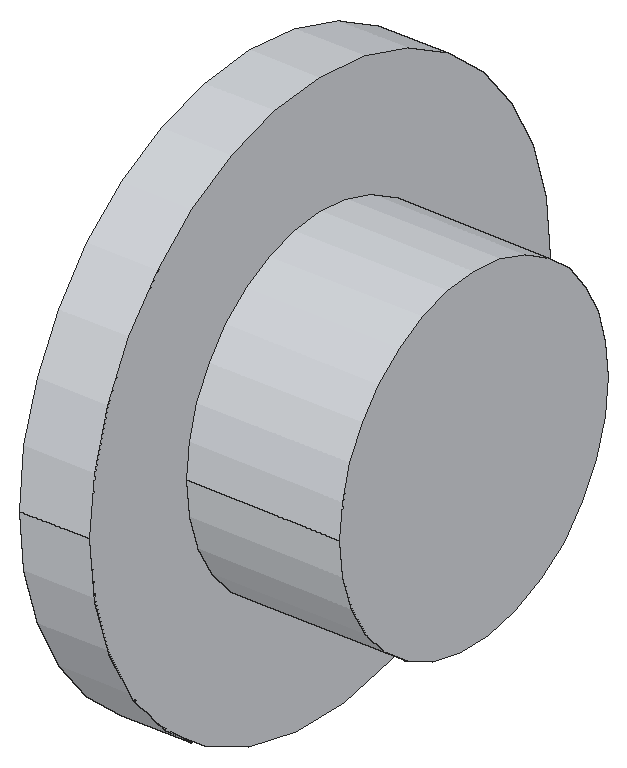
Revit family "decc399f55c747ffa953218358f0cdda", category Pipe Fittings, Revit 2021
Family settings
  Round Connector Dimension = Use Radius
  Part Type = Cap
  OmniClass Number = 23.60.30.11.14
  OmniClass Title = Pipework Fittings
  Seek Item ID = Cap - PVC - Sch 40-0000-USA-ENU
  Work Plane-Based = No
  Always vertical = Yes
  Cut with Voids When Loaded = No
  Shared = No
Parameters (values of type "Standard")
  Nominal Radius [instance] = 1.5000"
  Nominal Diameter [instance] = Nominal Radius * 2  # 3.0000"
  Loss Method = Not Defined
  Socket Outside Radius [instance] = Socket Outside Diameter / 2  # 2.2400"
  Socket Outside Diameter [instance] = size_lookup(Lookup Table Name, "SOD", 1.08 * Nominal Diameter + 1.12109", Nominal Diameter)  # 4.4800"
  Lookup Table Name = "Cap Flat - MJ - DI - Class 350"
  Length [instance] = size_lookup(Lookup Table Name, "Lgt", 0.09 * Nominal Diameter + 2.5700", Nominal Diameter)  # 3.0000"
  Gland Width [instance] = size_lookup(Lookup Table Name, "GWid", 0.03 * Nominal Diameter + 0.9400", Nominal Diameter)  # 0.9400"
  Gland Outside Radius [instance] = Gland Outside Diameter / 2  # 3.8450"
  Gland Outside Diameter [instance] = size_lookup(Lookup Table Name, "GOD", 1.16 * Nominal Diameter + 4.0300", Nominal Diameter)  # 7.6900"
  Default Elevation = 0.0000"
Reference planes (in)
  plane 1 "Center (Front/Back)": y = 0
  plane 2: z = 0
  plane 3 "Center (Left/Right)": x = 0
  plane 4: x = 3
  plane 5: y = 2.24
  plane 6: y = -2.24
  plane 7: x = 0.94
  plane 8: x = 2.06
Forms (in)
  Extrusion 1, solid, detail levels fine
    sketch origin (0, 0, 0) x (0, 1, 0) y (0, 0, 1)
      loop
        circle (0, 0) r 3.845
    from 0 to 0.94
  Extrusion 2, solid, detail levels fine
    sketch origin (0, 0, 0) x (0, 1, 0) y (0, 0, 1)
      loop
        circle (0, 0) r 2.24
    from 0.94 to 3
Cuts and joins
  joined: Extrusion 1, Extrusion 2
Lines and regions (in)
  model lines, detail levels coarse+medium
    curve 1: line (0, 2.24, 0) -> (3, 2.24, 0)
    curve 2: line (3, 2.24, 0) -> (3, -2.24, 0)
    curve 3: line (3, -2.24, 0) -> (0, -2.24, 0)
Dimensions and locks (in)
  "Socket Outside Radius": plane 1 "Center (Front/Back)" to plane 5
  "Socket Outside Radius": plane 6 to plane 1 "Center (Front/Back)"
  "Gland Width": plane 3 "Center (Left/Right)" to plane 7
  "Gland Width": plane 8 to plane 4
  "Length": plane 3 "Center (Left/Right)" to plane 4
  "Gland Outside Radius": radius of Extrusion 1 sketch curve
  "Socket Outside Radius": radius of Extrusion 2 sketch curve
  aligned and locked: curve 2 to plane 4
  aligned and locked: plane 3 "Center (Left/Right)" to curve 1
  aligned and locked: plane 3 "Center (Left/Right)" to curve 3
  aligned and locked: curve 1 to plane 5
  aligned and locked: curve 3 to plane 6
  aligned and locked: plane 1 "Center (Front/Back)" to Extrusion 1 sketch curve
  aligned and locked: plane 2 to Extrusion 1 sketch curve
  aligned and locked: Extrusion 1 to plane 3 "Center (Left/Right)"
  aligned and locked: plane 7 to Extrusion 1
  aligned and locked: Extrusion 2 to plane 7
  aligned and locked: plane 4 to Extrusion 2
  aligned and locked: plane 2 to Extrusion 2 sketch curve
  aligned and locked: plane 1 "Center (Front/Back)" to Extrusion 2 sketch curve
Connectors (in)
  piping at (0, 0, 0), diameter 3, driven by "Nominal Radius"
    settings: on Extrusion 1, index 1, connector inside diameter 3.0000", connector length 0.0000", flow factor 0, pipe flow 0 GPM, pressure drop 0.00 psi, fitting loss kfactor 0, connector angle 0.00°, fixture units 0, engagement length 0.0000", angle of deflection 0.00°, flow configuration 0, flow direction 0, fitting loss method 0, system type 28, joint type 0, gender type 0, connector reference index -1, connector utility 0, adjustable connector no, is connector primary yes, connector description ""
